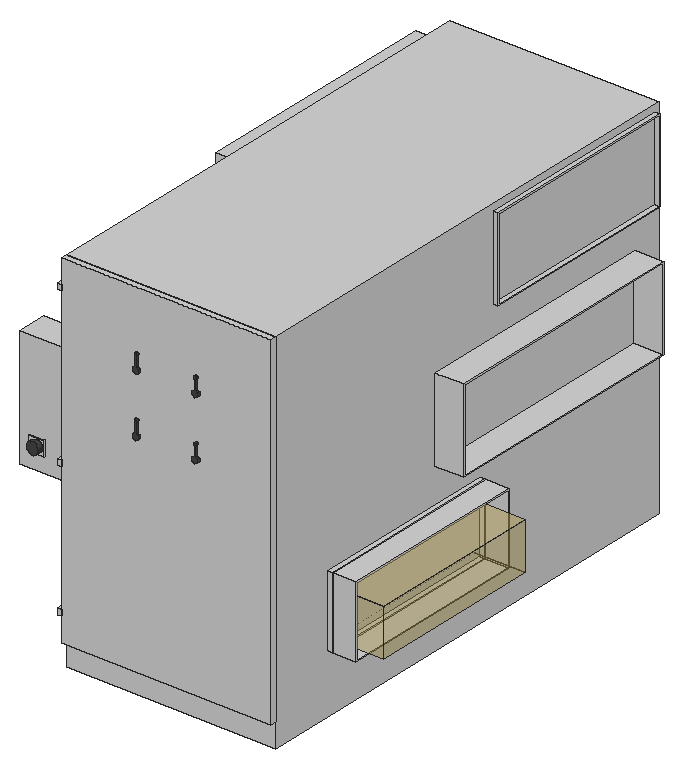
Revit family "Ventilator-RenewAire-Energy-Recovery-HE4XINV-Bypass", category Mechanical Equipment, Revit 2014
Parameters (values of type "5.0 HP 460V Three Phase")
  Voltage = "460V"
  Ventilation Type = "Static Plate, Heat and Humidity Transfer"
  Unit Width = "82\""
  Unit Weight = "753-1,056 lbs."
  Unit Length = "49-3/4\""
  Unit Height = "62\""
  Unit = Metal - RenewAire - Anodized - Gray Text
  URL = "www.renewaire.com"
  Typical Airflow Range = "1,000-4,400 CFM"
  Standard Features = "TEFC Premium efficiency motors, Motor starters, Non-Fused Disconnect, 24VAC Transformer/Relay Package"
  Shipping Weight = "1,175 lbs."
  Service Area Visibility = no
  Service Area Box = Interference - RenewAire - Smooth - Light - Gold
  Revit Object Download Link = ""
  Phase = "Three"
  Options = "Fused disconnect, Double wall construction, Factory supplied and mounted variable frequency drives (VFDs) – one or both airstreams, Motorized isolation dampers – FA, EA or both airstreams, Qty. 2 Factory mounted filter alarms, Bypass economizer (see bypass dimension drawing page) – dry bulb temperature controls, enthalpy controls"
  Optional Motorized Damper - FA = yes
  Optional Motorized Damper - EA = yes
  Number Motors = "Qty. 2, Belt drive blower/motor packages with adjustable sheaves"
  Model = "HE 4XINV-[Bypass]"
  Minimum Circuit Amps = "15.1 A"
  Maximum Overcurrent Protection = "20 A"
  Max. Shipping Width = "90\""
  Max. Shipping Length = "60\""
  Max. Shipping Height = "70\""
  Manufacturer = "RenewAire LLC"
  Frequency = "60 HZ"
  FLA per Motor = "6.7"
  Description = "Energy Recovery Ventilator"
  Connector Base Material = Glass - With - Transparency
  Accessories = "Filters - MERV 13, 2\" (shipped loose), Digital time clock - wall mount(TC7D-W), Digital time clock - in exterior enclosure (TC7D-E), Motion occupancy control - ceiling mount(MC-C), Motion occupancy control - wall mount(MC-W), Carbon dioxide control - wall mount (CO2-W), Carbon Dioxide control - duct mount(CO2-D), Electric duct heater – EK series (1-60 KW), EH series (61-175 KW)"
  AHRI 1060 Certified Core = "Four L125-G5"
Types (13): name | Voltage | Phase | Minimum Circuit Amps | Maximum Overcurrent Protection | Max. Shipping Height | FLA per Motor
  (no name) | "460V" | "Three" | "15.1 A" | "20 A" | "70\"" | "6.7"
  2.0 HP 120V Single Phase | "120" | "Single" | "45.0 A" | "60 A" | "70\"" | "20.0"
  2.0 HP 208-230V Single Phase | "208-230V" | "Single" | "24.3 A" | "35 A" | "70\"" | "10.8-10.0"
  2.0 HP 208-230V Three Phase | "208-230V" | "Three" | "13.6 A" | "15 A" | "70\"" | "6.1-5.8"
  2.0 HP 460V Three Phase | "460V" | "Three" | "6.5 A" | "15 A" | "70\"" | "2.9"
  2.0 HP 575V Three Phase | "575V" | "Three" | "5.4 A" | "15 A" | "50\"" | "2.4"
  3.0 HP 208-230V Single Phase | "208-230V" | "Single" | "33.1 A" | "40 A" | "70\"" | "14.7-14.0"
  3.0 HP 208-230V Three Phase | "208-230V" | "Three" | "21.1 A" | "25 A" | "70\"" | "9.4-8.5"
  3.0 HP 460V Three Phase | "460V" | "Three" | "9.5 A" | "15 A" | "70\"" | "4.2"
  3.0 HP 575V Three Phase | "575V" | "Three" | "7.4 A" | "15 A" | "70\"" | "3.3"
  5.0 HP 208-230V Three Phase | "208-230V" | "Three" | "32.6 A" | "45 A" | "70\"" | "14.5-13.4"
  5.0 HP 460V Three Phase | "460V" | "Three" | "15.1 A" | "20 A" | "70\"" | "6.7"
  5.0 HP 575V Three Phase | "575V" | "Three" | "11.9 A" | "15 A" | "70\"" | "5.3"
Reference planes (in)
  plane 1 "Center (Front/Back)": y = 0
  plane 2: z = 0
  plane 3 "Center (Left/Right)": x = 0
Forms (in)
  Extrusion 1, solid, material "Metal - RenewAire - Anodized - Gray Text" <- "Unit"
    sketch origin (0, 0, 0) x (1, 0, 0) y (0, 0, 1)
      loop
        line (-17.5625, 0) -> (17.5625, 0) -> (17.5625, 62) -> (-17.5625, 62) -> (-17.5625, 0)
    from 40.5625 to -39.9375
  Extrusion 2, solid, material "Metal - RenewAire - Anodized - Gray Text"
    sketch origin (0, 0, 0) x (1, 0, 0) y (0, 0, 1)
      loop
        line (-17.5625, 62) -> (-17.5625, 4) -> (17.5625, 4) -> (17.5625, 62) -> (-17.5625, 62)
    from 41.5625 to 40.5625
  Extrusion 3, solid, material "Metal - RenewAire - Anodized - Gray Text"
    sketch origin (11.125, 0, 8.125) x (1, 0, 0) y (0, 0, 1)
      loop
        line (-28.6875, 37.5) -> (-39, 37.5) -> (-39, 17.5) -> (-28.6875, 17.5) -> (-28.6875, 37.5)
    from 37.5625 to 32.5625
  Extrusion 4, solid, material "Metal - RenewAire - Anodized - Gray Text"
    sketch origin (11.125, 0, 8.125) x (1, 0, 0) y (0, 0, 1)
      loop
        line (-37.375, 22.5) -> (-37.375, 20) -> (-34.875, 20) -> (-34.875, 22.5) -> (-37.375, 22.5)
    from 37.6875 to 37.5625
  Extrusion 5, solid, material "MonitorPorts"
    sketch origin (11.125, 0, 8.125) x (1, 0, 0) y (0, 0, 1)
      loop
        circle (-36.125, 21.25) r 1
    from 38.5625 to 37.5625
  Extrusion 6, solid, material "Metal - RenewAire - Anodized - Gray Text" <- "Unit"
    sketch origin (0, 0, 0) x (0, 1, 0) y (0, 0, 1)
      loop
        line (2.1875, 22.125) -> (-29.9375, 22.125) -> (-29.9375, 10.125) -> (2.1875, 10.125) -> (2.1875, 22.125)
      loop
        line (2.0625, 22) -> (-29.8125, 22) -> (-29.8125, 10.25) -> (2.0625, 10.25) -> (2.0625, 22)
    from 18.5625 to 17.5625
  Extrusion 7, solid, material "Metal - RenewAire - Anodized - Gray Text"
    sketch origin (0, 0, 0) x (0, 1, 0) y (0, 0, 1)
      loop
        line (38.9375, 61) -> (4.9375, 61) -> (4.9375, 47) -> (38.9375, 47) -> (38.9375, 61)
      loop
        line (38.8125, 60.875) -> (5.0625, 60.875) -> (5.0625, 47.125) -> (38.8125, 47.125) -> (38.8125, 60.875)
    from 18.5625 to 17.5625
  Extrusion 8, solid, material "Metal - RenewAire - Anodized - Gray Text" <- "Unit"
    sketch origin (0, 0, 0) x (0, 1, 0) y (0, 0, 1)
      loop
        line (2.1875, 22.125) -> (-29.9375, 22.125) -> (-29.9375, 10.125) -> (2.1875, 10.125) -> (2.1875, 22.125)
      loop
        line (2.0625, 22) -> (-29.8125, 22) -> (-29.8125, 10.25) -> (2.0625, 10.25) -> (2.0625, 22)
    from 22.5625 to 18.5625
  Extrusion 9, solid, material "Metal - RenewAire - Anodized - Gray Text"
    sketch origin (0, 0, 0) x (0, 1, 0) y (0, 0, 1)
      loop
        line (-29.875, 10.125) -> (2.125, 10.125) -> (2.125, 22.125) -> (-29.875, 22.125) -> (-29.875, 10.125)
      loop
        line (2, 22) -> (-29.75, 22) -> (-29.75, 10.25) -> (2, 10.25) -> (2, 22)
    from -17.5625 to -21.5625
  Extrusion 10, solid, material "Metal - RenewAire - Anodized - Gray Text"
    sketch origin (0, 0, 0) x (0, 1, 0) y (0, 0, 1)
      loop
        line (37.8125, 60) -> (-4.1875, 60) -> (-4.1875, 46) -> (37.8125, 46) -> (37.8125, 60)
      loop
        line (37.6875, 59.875) -> (-4.0625, 59.875) -> (-4.0625, 46.125) -> (37.6875, 46.125) -> (37.6875, 59.875)
    from -17.5625 to -21.5625
  Extrusion 11, solid, material "Interference - RenewAire - Smooth - Light - Gold" <- "Service Area Box", visible <- "Service Area Visibility"
    sketch origin (0, 0, 0) x (1, 0, 0) y (0, 0, 1)
      loop
        line (17.5625, 62) -> (-17.5625, 62) -> (-17.5625, 0) -> (17.5625, 0) -> (17.5625, 62)
    from 75.6875 to 41.5625
  Extrusion 12, solid, material "Interference - RenewAire - Smooth - Light - Gold", visible <- "Optional Motorized Damper - EA"
    sketch origin (0, 0, 5.625) x (0, 1, 0) y (0, 0, 1)
      loop
        line (1.0625, 13.625) -> (-28.8125, 13.625) -> (-28.8125, 5.625) -> (1.0625, 5.625) -> (1.0625, 13.625)
    from 26.3125 to 17.5625
  Extrusion 13, solid, material "Interference - RenewAire - Smooth - Light - Gold", visible <- "Optional Motorized Damper - FA"
    sketch origin (0, 0, -11.25) x (0, 1, 0) y (0, 0, 1)
      loop
        line (1.0625, 30.5) -> (-28.8125, 30.5) -> (-28.8125, 22.5) -> (1.0625, 22.5) -> (1.0625, 30.5)
    from -17.5625 to -26.3125
  Extrusion 14, solid, material "Metal - RenewAire - Anodized - Gray Text"
    sketch origin (0, 0, 0) x (1, 0, 0) y (0, 1, 0)
      loop
        line (-17.5625, -41.5625) -> (-17.5625, -38.5625) -> (-18.3125, -38.5625) -> (-18.3125, -41.5625) -> (-17.5625, -41.5625)
    from 8 to 9
  Extrusion 15, solid, material "Metal - RenewAire - Anodized - Gray Text"
    sketch origin (0, 0, 0) x (1, 0, 0) y (0, 1, 0)
      loop
        line (-17.5625, -41.5625) -> (-17.5625, -38.5625) -> (-18.3125, -38.5625) -> (-18.3125, -41.5625) -> (-17.5625, -41.5625)
    from 57 to 58
  Extrusion 16, solid, material "Metal - RenewAire - Anodized - Gray Text"
    sketch origin (0, 0, 0) x (1, 0, 0) y (0, 1, 0)
      loop
        line (-17.5625, -41.5625) -> (-17.5625, -38.5625) -> (-18.3125, -38.5625) -> (-18.3125, -41.5625) -> (-17.5625, -41.5625)
    from 30.5 to 31.5
  Extrusion 17, solid, material "Metal - RenewAire - Anodized - Gray Text"
    sketch origin (0, 0, 0) x (0, 1, 0) y (0, 0, 1)
      loop
        line (-7.3125, 42) -> (-7.3125, 28) -> (34.6875, 28) -> (34.6875, 42) -> (-7.3125, 42)
      loop
        line (-7.1875, 41.875) -> (-7.1875, 28.125) -> (34.5625, 28.125) -> (34.5625, 41.875) -> (-7.1875, 41.875)
    from 22.5625 to 17.5625
Dimensions and locks (in)
  aligned and locked: level to plane 2
Nested families (in)
  nested 1: "Monitoring Port" at (5, -41.5625, 42.222) x (-1, 0, 0) z (0, 0, -1), type "Monitoring Port"
  nested 2: "Monitoring Port" at (-5, -41.5625, 42.222) x (-1, 0, 0) z (0, 0, -1), type "Monitoring Port"
  nested 3: "Monitoring Port" at (5, -41.5625, 52.222) x (-1, 0, 0) z (0, 0, -1), type "Monitoring Port"
  nested 4: "Monitoring Port" at (-5, -41.5625, 52.222) x (-1, 0, 0) z (0, 0, -1), type "Monitoring Port"
Connectors (in)
  hvac at (17.5625, 21.9375, 54)
    settings: on Extrusion 7, index 1, duct flow 0 CFM, flow factor 0, pres drop 0.00 in-wg, loss coef 0, conn angle 0.00°, conn width 34", conn height 14", conn diameter 24", duct sys type 4, conn prof type 1, flow config 0, flow direction 1, loss method 0, conn ref index -1, conn util no, is conn primary yes, conn desc "OA (Outside Air)"
  hvac at (17.5625, -13.875, 16.125)
    settings: on Extrusion 6, index 2, duct flow 0 CFM, flow factor 0, pres drop 0.00 in-wg, loss coef 0, conn angle 0.00°, conn width 32", conn height 12", conn diameter 24", duct sys type 3, conn prof type 1, flow config 0, flow direction 2, loss method 0, conn ref index -1, conn util no, is conn primary no, conn desc "EA (Exhaust Air)"
  hvac at (-17.5625, 16.8125, 53)
    settings: on Extrusion 10, index 4, duct flow 0 CFM, flow factor 0, pres drop 0.00 in-wg, loss coef 0, conn angle 0.00°, conn width 42", conn height 14", conn diameter 24", duct sys type 2, conn prof type 1, flow config 0, flow direction 1, loss method 0, conn ref index -1, conn util no, is conn primary no, conn desc "RA (Return Air)"
  hvac at (-17.5625, -13.875, 16.125)
    settings: on Extrusion 9, index 5, duct flow 0 CFM, flow factor 0, pres drop 0.00 in-wg, loss coef 0, conn angle 0.00°, conn width 32", conn height 12", conn diameter 24", duct sys type 1, conn prof type 1, flow config 0, flow direction 2, loss method 0, conn ref index -1, conn util no, is conn primary no, conn desc "FA (Fresh Air)"
  hvac at (17.5625, 13.6875, 35)
    settings: on Extrusion 17, index 6, duct flow 0 CFM, flow factor 0, pres drop 0.00 in-wg, loss coef 0, conn angle 0.00°, conn width 42", conn height 14", conn diameter 24", duct sys type 2, conn prof type 1, flow config 0, flow direction 1, loss method 0, conn ref index -1, conn util no, is conn primary no, conn desc "BP (Bypass Air)"
Definition of nested family "Monitoring Port"
  Parameters (values of type "Monitoring Port")
    URL = "www.renewaire.com"
    Revit Object Download Link = ""
    Model = ""
    Manufacturer = "RenewAire LLC"
    Description = "Monitoring Ports"
  Reference planes (in)
    plane 1 "Center (Front/Back)": y = 0
    plane 2: z = 0
    plane 3 "Center (Left/Right)": x = 0
  Forms (in)
    Extrusion 1, solid, material "MonitorPorts"
      sketch origin (-9.43348, 0, 37.76669) x (-1, 0, 0) y (0, 0, -1)
        loop
          line (-9.53348, 35.65895) -> (-9.94097, 35.42369) -> (-9.94097, 34.83769) -> (-9.43348, 34.54469) -> (-8.92599, 34.83769) -> (-8.92599, 35.42369) -> (-9.33348, 35.65895) -> (-9.33348, 37.28756)
          arc (-9.33348, 37.28756) -> (-9.43348, 37.76669) -> (-9.53348, 37.28756) r 0.25
          line (-9.53348, 37.28756) -> (-9.53348, 35.65895)
      from 0 to 0.25
  Dimensions and locks (in)
    aligned and locked: level to plane 2
